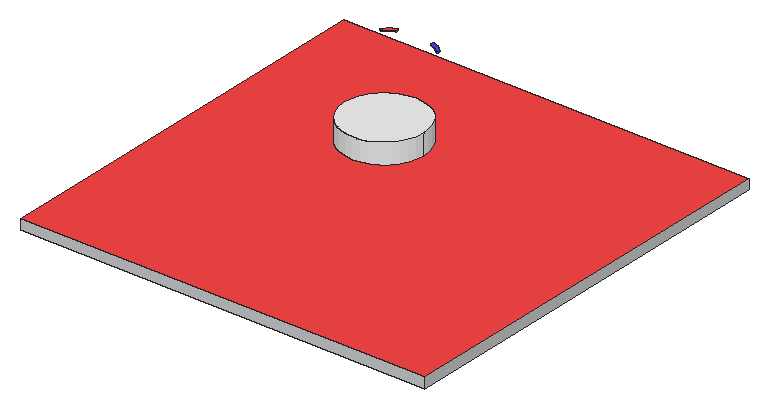
Revit family "PRESTO ALPA 90 ARTE-E con valvula de vaciado y guia", category Aparatos sanitarios, Revit 2015
Parameters (values of type "98951")
  URL = "http://www.prestoiberica.com/ducha/temporizada-arte/alpa-90-arte-e?c=es"
  Teléfono = "(+34) 915 782 575"
  TIPO DE AGUA = "Fria/Caliente"
  REFERENCIA = "98951"
  Presión Máxima = ""
  PESO BRUTO = "2.580  Kg"
  Keynote = ""
  Modelo = "ALPA 90 ARTE E"
  Material = Presto Ibérica: LATON CROMADO
  Imagen de tipo = <Ninguno>
  Fabricante = "PRESTO IBÉRICA"
  Default Elevation = 1219.2 mm
  ENTRADA = "Macho y hembra 3/4\""
  Descripción = "Grifo temporizado mezclador para instalación empotrada con cuerpo de latón y pulsador ARTE cromado. Regulador automático de caudal."
  Código de montaje = "C1030220"
  Contacto = "info@prestoiberica.com"
  Conexión AF = yes
  Conexión AC = yes
  Comentarios de tipo = "◦Componentes fabricados en materiales que soportan temperaturas de hasta 70º C, para permitir la realización de desinfecciones térmicas anti-legionella\r\n◦Cabeza intercambiable que comprende todo el sistema de temporización\r\n◦Apertura por pulsador de mando único con selección de temperatura mediante giro de 180º\r\n◦Válvulas antirretorno incorporadas conformes a la norma EN 1717, que impiden la intercomunicación del agua fría con la caliente\r\n◦Posibilidad de posicionar el mando de Regulación con un tope de temperatura\r\n◦Suministrado con filtros\r\n◦Tapa en acero inoxidable de 200 x 200 mm\r\n◦Caja de empotrar y placa de fijación intermedia fabricadas con protección antioxidante."
  CIERRE = "Automático en 30 seg."
  CAUDAL = "8 L/Min"
  Accionamiento = "Por pulsador"
Reference planes
  plane 1 "Centro (Frontal/Posterior)": y = 0
  plane 2: z = 0
  plane 3 "Centro (Izquierda/Derecha)": x = 0
  plane 4 "1": z = 28.7
Forms (mm)
  Extrusion 1, solid
    sketch origin (0, 0, 0) x (1, 0, 0) y (0, 1, 0)
      loop
        line (-100, 100) -> (-100, -100) -> (100, -100) -> (100, 100) -> (-100, 100)
    from 0 to -5
  Extrusion 2, solid, material "Presto Ibérica: AGUA CALIENTE"
    sketch origin (-45.978, 113.143, 63.088) x (0, 1, 0) y (-1, 0, 0)
      loop
        arc (-93.57, -36.417) -> (-94.967, -33.81) -> (-96.939, -31.606) r 12.445
        arc (-96.939, -31.606) -> (-98.031, -31.676) -> (-97.962, -32.768) r 0.774
        arc (-97.962, -32.768) -> (-96.365, -34.959) -> (-95.013, -37.309) r 25.099
        arc (-95.013, -37.309) -> (-93.92, -37.464) -> (-93.57, -36.417) r 0.862
    from 0 to 0.2
  Extrusion 3, solid, material "Presto: Ibérica: AGUA FRIA"
    sketch origin (-49.174, 111.18, 63.088) x (-0.034899, 0.999391, 0) y (-0.999391, -0.034899, 0)
      loop
        arc (-93.528, -55.407) -> (-93.841, -54.347) -> (-94.939, -54.465) r 0.862
        arc (-94.939, -54.465) -> (-96.371, -56.766) -> (-98.044, -58.899) r 25.099
        arc (-98.044, -58.899) -> (-98.152, -59.989) -> (-97.062, -60.097) r 0.774
        arc (-97.062, -60.097) -> (-95.014, -57.963) -> (-93.528, -55.407) r 12.445
    from 0 to 0.2
  Extrusion 4, solid, material "Presto Ibérica: LATON CROMADO"
    sketch origin (0, 0, 25.938) x (-0.707107, 0.707107, 0) y (-0.707107, -0.707107, 0)
      loop
        circle (0, 0) r 19.5
    from 0 to 10
Dimensions and locks
  Extrusion 1 sketch curve to plane 1 "Centro (Frontal/Posterior)" = 100 mm
  aligned and locked: plane 2 to Extrusion 1
  aligned and locked: level to Extrusion 1
Connectors
  piping at (45, 0, -36.537), diameter 19.1
    settings: on import instance, index 1, connector inside diameter 609.6 mm, connector length 0 mm, flow factor 0, pipe flow 0.0 L/s, pressure drop 0.0 Pa, fitting loss kfactor 0, connector angle 0.00°, fixture units 0, engagement length 0 mm, angle of deflection 0.00°, flow configuration 0, flow direction 1, fitting loss method 0, system type 20, joint type 0, gender type 0, connector reference index -1, connector utility 0, adjustable connector no, is connector primary yes, connector description ""
  piping at (-45, 0, -36.537), diameter 19.1
    settings: on import instance, index 2, connector inside diameter 609.6 mm, connector length 0 mm, flow factor 0, pipe flow 0.0 L/s, pressure drop 0.0 Pa, fitting loss kfactor 0, connector angle 0.00°, fixture units 0, engagement length 0 mm, angle of deflection 0.00°, flow configuration 0, flow direction 1, fitting loss method 0, system type 19, joint type 0, gender type 0, connector reference index -1, connector utility 0, adjustable connector no, is connector primary no, connector description ""
  piping at (0, 90.5, -36.537), diameter 19.1
    settings: on import instance, index 3, connector inside diameter 609.6 mm, connector length 0 mm, flow factor 0, pipe flow 0.0 L/s, pressure drop 0.0 Pa, fitting loss kfactor 0, connector angle 0.00°, fixture units 0, engagement length 0 mm, angle of deflection 0.00°, flow configuration 0, flow direction 2, fitting loss method 0, system type 7, joint type 0, gender type 0, connector reference index -1, connector utility 0, adjustable connector no, is connector primary no, connector description ""
